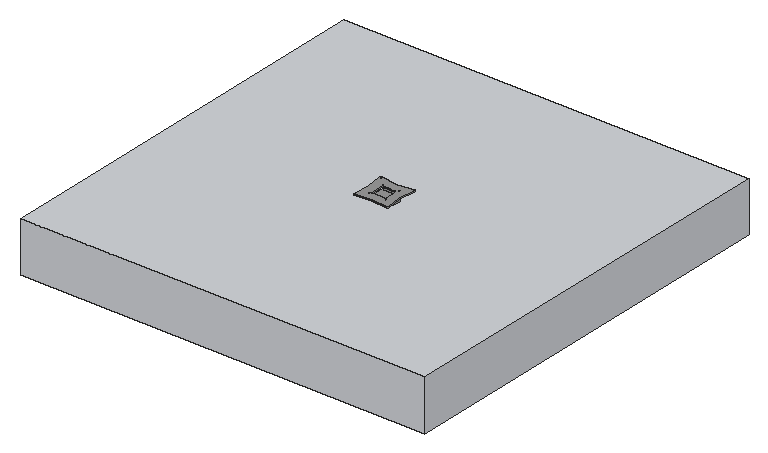
Revit family "Legrand Export Snap on Columns accessoiries", category Installations électriques, Revit 2020
Family settings
  Hôte = Face
  Conserver l'orientation des annotations = Non
  Cote de connecteur circulaire = Utiliser le diamètre
  Type d'élément = Normal
  Couper avec des vides une fois chargée = Non
  Partagée = Non
  Point de calcul de pièce = Non
Parameters (values of type "Support TV screen 42 inches")
  Standard = "Snap-on-ON"
  Modèle = "LG-653082"
  Main Material = "Mixed"
  Finishing = "Mixed"
  Fabricant = "LEGRAND"
  Elévation par défaut = 1800 mm
  Description = "tv Column mount 26-42 inch / 66-107cm / vesa. Column cv 45 mm"
  Accessoire = TV_SUPPORT_45 : 66-107cm
Types (4, lengths in mm): name | Modèle | Main Material | Finishing | Elévation par défaut | Description | Accessoire
  Panel indicator | "LG-653080" | "Mixed" | "Mixed" | 2000 | "panel indicator 150x150mm cv45" | INFORMATIONS_PANEL_45 : 150x150mm
  Support TV screen 26 inches | "LG-653081" | "Mixed" | "Mixed" | 1800 | "tv Column mount 10-26 inch / 25-66cm / vesa. Column cv 45 mm" | TV_SUPPORT_45 : 25-66cm
  Support TV screen 42 inches | "LG-653082" | "Mixed" | "Mixed" | 1800 | "tv Column mount 26-42 inch / 66-107cm / vesa. Column cv 45 mm" | TV_SUPPORT_45 : 66-107cm
  Shelf | "LG-653083" | "Corian" | "White" | 900 | "shelf for cv45mm direct clipping Column" | TABLES_45 : Shelf
Reference planes
  plane 1 "Centre (avant/arrière)": y = 0
  plane 2: z = 0
  plane 3 "Centre (gauche/droite)": x = 0
  plane 4: z = 15
  plane 5: y = 22.5
  plane 6: y = -22.5
Forms (mm)
  Extrusion 1, solid
    sketch origin (0, 0, 0) x (1, 0, 0) y (0, 1, 0)
      loop
        line (-1219.2, 1219.2) -> (-1219.2, -1219.2) -> (1219.2, -1219.2) -> (1219.2, 1219.2) -> (-1219.2, 1219.2)
    from 0 to -304.8
Dimensions and locks
  aligned and locked: plane 2 to Extrusion 1
  aligned and locked: level to Extrusion 1
  aligned and locked: nested 1 to plane 3 "Centre (gauche/droite)"
  aligned and locked: nested 1 to plane 1 "Centre (avant/arrière)"
Nested families
  nested 1: "TV_SUPPORT_45" at (0, 0, 0) x (-1, 0, 0) z (0, 0, 1), type <- "Accessoire", type "66-107cm"
    with Longueur support 200 mm, Longueur VESA 100 mm, Longueur CV 45 mm
Definition of nested family "TV_SUPPORT_45"
  Parameters (values of type "Support Ref. 653181")
    Longueur support = 100 mm
    Longueur VESA = 75 mm
    Longueur CV = 80 mm
    Default Elevation = 1219.2 mm
  Types (5, lengths in mm): name | Longueur support | Longueur VESA | Longueur CV
    (no name) | 100 | 75 | 80
    Support Ref. 653081 | 100 | 75 | 45
    Support Ref. 653082 | 200 | 100 | 45
    Support Ref. 653181 | 100 | 75 | 80
    Support Ref. 653182 | 200 | 100 | 80
  Reference planes
    plane 1 "Centre (avant/arrière)": y = 0
    plane 2: z = 0
    plane 3 "Centre (gauche/droite)": x = 0
    plane 4: y = -50
    plane 5: y = 50
    plane 6: x = -50
    plane 7: x = 50
    plane 8: y = 37.5
    plane 9: y = -37.5
    plane 10: x = 37.5
    plane 11: x = -37.5
    plane 12: x = 30
    plane 13: x = -30
    plane 14: y = 30
    plane 15: y = -30
    plane 16: z = 15
    plane 17: y = 32
    plane 18: y = -32
    plane 19: z = 30
    plane 20: x = -75
    plane 21: x = 75
    plane 22: y = 40
    plane 23: y = -40
  Forms (mm)
    Extrusion 1, solid
      sketch origin (0, 0, 0) x (1, 0, 0) y (0, 1, 0)
        loop
          line (-1219.2, 1219.2) -> (-1219.2, -1219.2) -> (1219.2, -1219.2) -> (1219.2, 1219.2) -> (-1219.2, 1219.2)
      from 0 to -304.8
    Extrusion 2, solid
      sketch origin (0, 0, 0) x (1, 0, 0) y (0, 1, 0)
        loop
          line (50, 55) -> (0, 43.75) -> (-50, 55)
          arc (-50, 55) -> (-53.536, 53.536) -> (-55, 50) r 5
          line (-55, 50) -> (-43.75, 0) -> (-55, -50)
          arc (-55, -50) -> (-53.536, -53.536) -> (-50, -55) r 5
          line (-50, -55) -> (0, -43.75) -> (50, -55)
          arc (50, -55) -> (53.536, -53.536) -> (55, -50) r 5
          line (55, -50) -> (43.75, 0) -> (55, 50)
          arc (55, 50) -> (53.536, 53.536) -> (50, 55) r 5
      from 30 to 35
    Extrusion 3, void
      sketch origin (0, 0, 0) x (1, 0, 0) y (0, 1, 0)
        loop
          circle (-50, 50) r 1.5
        loop
          circle (50, 50) r 1.5
        loop
          circle (-50, -50) r 1.5
        loop
          circle (50, -50) r 1.5
      from 30 to 35
    Extrusion 4, void
      sketch origin (0, 0, 0) x (1, 0, 0) y (0, 1, 0)
        loop
          line (30, 30) -> (-30, 30) -> (-30, -30) -> (30, -30) -> (30, 30)
      from 30 to 35
    Extrusion 5, void
      sketch origin (0, 0, 0) x (1, 0, 0) y (0, 1, 0)
        loop
          circle (-37.5, 37.5) r 1.5
        loop
          circle (37.5, 37.5) r 1.5
        loop
          circle (-37.5, -37.5) r 1.5
        loop
          circle (37.5, -37.5) r 1.5
      from 30 to 35
    Extrusion 6, solid
      sketch origin (0, 0, 0) x (1, 0, 0) y (0, 1, 0)
        loop
          line (-30, -30) -> (-30, -32) -> (30, -32) -> (30, -30) -> (-30, -30)
      from 15 to 30
    Extrusion 7, solid
      sketch origin (0, 62, 0) x (1, 0, 0) y (0, 1, 0)
        loop
          line (-30, -30) -> (-30, -32) -> (30, -32) -> (30, -30) -> (-30, -30)
      from 15 to 30
    Extrusion 8, solid
      sketch origin (0, 0, 0) x (1, 0, 0) y (0, 1, 0)
        loop
          line (-75, 40) -> (-75, -40) -> (75, -40) -> (75, 40) -> (-75, 40)
      from 0 to 15
    Extrusion 9, solid
      sketch origin (0, 0, 0) x (1, 0, 0) y (0, 1, 0)
        loop
          line (-30, -30) -> (30, -30) -> (30, 30) -> (-30, 30) -> (-30, -30)
      from 15 to 17
  Cuts and joins
    Extrusion 3, Extrusion 4, Extrusion 5 cuts Extrusion 2
  Dimensions and locks
    "Longueur support": plane 6 to plane 7
    equal spacing: plane 6, plane 3 "Centre (gauche/droite)", plane 7
    locked: plane 11 to plane 13 at 7.5
    locked: plane 12 to plane 10 at 7.5
    locked: plane 15 to plane 9 at 7.5
    locked: plane 8 to plane 14 at 7.5
    "Longueur support": plane 4 to plane 5
    equal spacing: plane 4, plane 1 "Centre (avant/arrière)", plane 5
    "Longueur VESA": plane 11 to plane 10
    equal spacing: plane 11, plane 3 "Centre (gauche/droite)", plane 10
    "Longueur VESA": plane 8 to plane 9
    equal spacing: plane 8, plane 1 "Centre (avant/arrière)", plane 9
    plane 3 "Centre (gauche/droite)" to Extrusion 6 = 30 mm
    "Longueur CV": plane 23 to plane 22
    equal spacing: plane 23, plane 1 "Centre (avant/arrière)", plane 22
    locked: plane 15 to plane 18 at 2
    locked: plane 17 to plane 14 at 2
    aligned and locked: plane 2 to Extrusion 1
    aligned and locked: level to Extrusion 1
    aligned and locked: Extrusion 8 sketch curve to plane 23
    aligned and locked: plane 20 to Extrusion 8 sketch curve
    aligned and locked: plane 22 to Extrusion 8 sketch curve
    aligned and locked: Extrusion 8 sketch curve to plane 21
  Automatic sketch dimensions
    Extrusion 1 sketch curve to Extrusion 1 sketch curve = 2438.4 mm  (x2)
    plane 4 to Extrusion 2 sketch curve = 0 mm  (x2)
    plane 5 to Extrusion 2 sketch curve = 0 mm  (x2)
    Extrusion 2 sketch curve to plane 6 = 0 mm  (x2)
    plane 1 "Centre (avant/arrière)" to Extrusion 2 sketch curve = 0 mm  (x2)
    Extrusion 2 sketch curve to plane 3 "Centre (gauche/droite)" = 0 mm  (x2)
    Extrusion 2 sketch curve to plane 7 = 0 mm  (x2)
    plane 6 to Extrusion 2 sketch curve = 5 mm  (x2)
    Extrusion 2 sketch curve to plane 6 = 6.25 mm
    plane 7 to Extrusion 2 sketch curve = 6.25 mm
    Extrusion 2 sketch curve to Extrusion 2 sketch curve = 5 mm  (x2)
    Extrusion 2 sketch curve to plane 4 = 6.25 mm
    plane 5 to Extrusion 2 sketch curve = 6.25 mm
    plane 4 to Extrusion 3 sketch curve = 0 mm  (x2)
    Extrusion 3 sketch curve to plane 6 = 0 mm  (x2)
    plane 5 to Extrusion 3 sketch curve = 0 mm  (x2)
    Extrusion 3 sketch curve to plane 7 = 0 mm  (x2)
    Extrusion 4 sketch curve to plane 13 = 0 mm
    Extrusion 4 sketch curve to plane 12 = 0 mm
    Extrusion 4 sketch curve to plane 15 = 0 mm
    Extrusion 4 sketch curve to plane 14 = 0 mm
    Extrusion 5 sketch curve to plane 9 = 0 mm  (x2)
    Extrusion 5 sketch curve to plane 11 = 0 mm  (x2)
    Extrusion 5 sketch curve to plane 8 = 0 mm  (x2)
    Extrusion 5 sketch curve to plane 10 = 0 mm  (x2)
    Extrusion 6 sketch curve to plane 13 = 0 mm
    Extrusion 6 sketch curve to plane 12 = 0 mm
    Extrusion 6 sketch curve to plane 18 = 0 mm
    Extrusion 6 sketch curve to plane 15 = 0 mm
    Extrusion 7 sketch curve to plane 13 = 0 mm
    Extrusion 7 sketch curve to plane 12 = 0 mm
    Extrusion 7 sketch curve to plane 14 = 0 mm
    Extrusion 7 sketch curve to plane 17 = 0 mm
    Extrusion 9 sketch curve to plane 13 = 0 mm
    Extrusion 9 sketch curve to plane 12 = 0 mm
    Extrusion 9 sketch curve to plane 15 = 0 mm
    Extrusion 9 sketch curve to plane 14 = 0 mm
    radius of Extrusion 3 sketch curve = 1.5 mm  (x4)
    radius of Extrusion 5 sketch curve = 1.5 mm  (x4)
